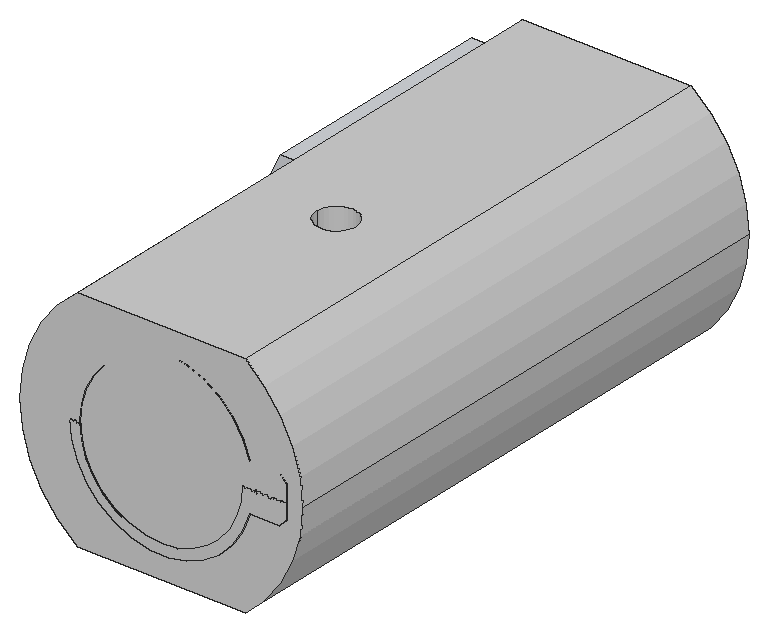
Revit family "Camera-Security-Panasonic-Super_Dynamic-H265_Network-BoxAI_Engine-WV-S1136SeriesX", category Security Devices, Revit 2019
Family settings
  Maintain Annotation Orientation = No
  Round Connector Dimension = Use Diameter
  Part Type = Normal
  OmniClass Number = 23.85.10.14.11
  OmniClass Title = Cameras
  Work Plane-Based = Yes
  Always vertical = No
  Cut with Voids When Loaded = No
  Shared = No
  Room Calculation Point = No
Parameters (values of type "WV-S1136")
  Voltage [instance] = if(Power Supply type is PoE, 48 V, 12 V)  # 48 V
  Vertical FOV Actual [instance] = 55.00°
  Resolution HD [instance] = no
  Resolution FullHD [instance] = yes
  Resolution WQHD [instance] = no
  Power Supply type is PoE [instance] = yes
  Power Supply Type [instance] = if(Power Supply type is PoE, "PoE", "DC")  # "PoE"
  PPM Desired [instance] = 600
  PPM Actual [instance] = if(PPM Desired > 1, PPM Desired, 1)  # 600
  Horizontal Resolution Actual [instance] = 1920
  Width = 2.95276"
  Wide Dynamic Range = yes
  Weight = 0.82 lbf
  Vandal Resistant = no
  URL = "http://security.panasonic.com/pss/security/"
  Storage Temperature = Operational Temperature  # "-10 °C to +50 °C (14 °F to 122 °F)"
  Show View Volume [instance] = yes
  Regulatory Compliance = "UL (UL62368-1), c-UL (CSA C22.2 No.62368-1), CE, IEC62368-1, FCC (Part15 ClassA), ICES-003 ClassA, EN55032 ClassB, EN55035"  # constant formula
  Provide Feedback = "https://www.surveymonkey.com/s/95FL6QY"
  Product Page URL = "https://security.panasonic.com/products_technology/products/wv-s1136/"
  Product Material = Paint - Panasonic - i-PRO White
  Product Documentation Link = "https://bizpartner.panasonic.net/public/ppr/product/11510?accordion_tab=96"
  Power Active [instance] = if(Power Supply type is PoE, 6.3 W, 5.8 W)  # 6.3 W
  Part Number = Model  # "WV-S1136"
  Part Description = Description  # "Security Camera, Network, Super Dynamic, AI Engine, Full HD, H.265 BOX Camera, WV-S1136"
  Original Creation Date = "2021/04/09"  # constant formula
  Operational Temperature = "-10 °C to +50 °C (14 °F to 122 °F)"  # constant formula
  Operational Humidity = "10 to 90 % (no condensation)"  # constant formula
  Mounting Positions = "Mount Dependent"  # constant formula
  Model Disclaimer = "Contact Panasonic for more information"  # constant formula
  Model = "WV-S1136"  # constant formula
  Minimum Illumination = 0.006 lx
  Manufacturer = "Panasonic"  # constant formula
  Indoor Or Outdoor = "Indoor"  # constant formula
  IP Or Analog = "IP"  # constant formula
  Horizontal FOV Desired [instance] = 60.00°
  Horizontal FOV Actual [instance] = 102.00°
  Height = 2.24409"
  Has POE = yes
  Distance to Floor [instance] = 118.11024"
  Family Version = "1.0.0"  # constant formula
  Equipment Number = " "
  Equipment Abbreviation = "SC"  # constant formula
  Distance to Screen [instance] = 393.70079"
  Distance to PPM Target [instance] = if(PPM Actual = 0, 0.000", 39.37008" * Horizontal Resolution Actual / (PPM Actual * 2 * tan(Horizontal FOV Actual / 2)))  # 51.01002"
  Description = "Security Camera, Network, Super Dynamic, AI Engine, Full HD, H.265 BOX Camera, WV-S1136"  # constant formula
  Depth = 5.74803"
  Default Elevation = 48.000"
  Day Or Night = "Yes"  # constant formula
  Date Last Modified = "2021/04/09"  # constant formula
  Copyright = "Copyright © Panasonic"  # constant formula
  Communication Ports = "10Base-T / 100Base-TX, RJ45 connector"  # constant formula
  Distance to Ceiling [instance] = 0.96457"
  Body Radius = 1.39764"
  Auto Back Focus = yes
  Audio Out = "ø3.5 mm stereo mini jack (monaural output)"  # constant formula
  Audio In = "ø3.5 mm stereo mini jack"  # constant formula
  Assembly Code = ""
  Aspect Ratio 4_3 [instance] = no
  Aspect Ratio 16_9 [instance] = yes
  Angle Of View = "Lens Dependent"  # constant formula
  Alarm Input Or Output Specification = "ALARM IN 1 (Black & white input, Auto time adjustment input) (x1), ALARM IN 2 (ALARM OUT) (x1),  LARM IN 3 (AUX OUT) (x1)"  # constant formula
Reference planes (in)
  plane 1 "Center (Front/Back)": y = 0
  plane 2: z = 0
  plane 3 "Center (Left/Right)": x = 0
  plane 4: z = 1.39764
  plane 5: z = -1.39764
  plane 6: z = 1.12205
  plane 7: z = -1.12205
  plane 8: y = -4.24409
  plane 9: y = -5.74803
  plane 10: y = -3.58268
  plane 11 "BP": y = -4.24409
  plane 12: y = -0.23622
  plane 13: x = 1.39764
  plane 14: x = -1.55512
  plane 15: y = -2.59843
  plane 16: y = -5.70866
Forms (in)
  Extrusion 1, solid, material "Paint - Panasonic - i-PRO White" <- "Product Material"
    sketch origin (0, 0, 0) x (1, 0, 0) y (0, 0, 1)
      loop
        circle (0, 0) r 1.39764
    from 0.23622 to 5.74803
  Extrusion 2, void
    sketch origin (0, 0, 0) x (1, 0, 0) y (0, 0, 1)
      loop
        line (-3.15988, 1.12205) -> (-3.15988, -1.12205) -> (2.94248, -1.12205) -> (2.94248, 1.12205) -> (-3.15988, 1.12205)
      loop
        line (-4.52927, 3.99057) -> (-4.52927, -3.76534) -> (4.329, -3.76534) -> (4.329, 3.99057) -> (-4.52927, 3.99057)
    from 0 to 5.74803
  Extrusion 3, void
    sketch origin (0, 0, 0) x (1, 0, 0) y (0, 1, 0)
      loop
        circle (0, -3.58268) r 0.19685
    from -1.12205 to 1.12205
  Extrusion 4, solid
    sketch origin (0, -2.59843, 3.48926) x (0, 0, 1) y (1, 0, 0)
      loop
        arc (-4.27666, -1.34104) -> (-3.48926, -1.55512) -> (-2.70186, -1.34104) r 1.55512
        line (-2.70186, -1.34104) -> (-2.70186, -1.16747)
        arc (-2.70186, -1.16747) -> (-3.48926, -1.40819) -> (-4.27666, -1.16747) r 1.40819
        line (-4.27666, -1.16747) -> (-4.27666, -1.34104)
    from 0 to 2.3622
  Extrusion 5, solid, material "Paint - Panasonic - i-PRO White" <- "Product Material"
    sketch origin (0, -0.23622, 2.91288) x (0, 0, 1) y (1, 0, 0)
      loop
        circle (-3.54513, 0.58131) r 0.15748
    from 0 to 0.23622
  Extrusion 6, solid, material "Paint - Panasonic - i-PRO White" <- "Product Material"
    sketch origin (0, -5.70866, 2.29131) x (0, 0, 1) y (1, 0, 0)
      loop
        line (-2.05694, 0.87466) -> (-2.05694, 1.16627) -> (-2.13368, 1.243) -> (-2.44894, 1.243) -> (-2.52567, 1.16627) -> (-2.52567, 0.87466)
        arc (-2.52567, 0.87466) -> (-2.29131, -0.90551) -> (-2.05694, 0.87466) r 0.90551
      loop
        circle (-2.29131, 0) r 0.80733
    from 0 to -0.03937
Cuts and joins
  Extrusion 2, Extrusion 3 cuts Extrusion 1
Lines and regions (in)
  model lines
    curve 1: spline (-131.95689, -5.74803, 30.81666) -> (-131.95204, -5.74803, 30.81773) -> (-131.94753, -5.74803, 30.82084) -> (-131.94365, -5.74803, 30.8258) -> (-131.94067, -5.74803, 30.83227) -> (-131.9388, -5.74803, 30.8398) -> (-131.93816, -5.74803, 30.84787) -> (-131.9388, -5.74803, 30.85595) -> (-131.94067, -5.74803, 30.86348) -> (-131.94365, -5.74803, 30.86994) -> (-131.94753, -5.74803, 30.8749) -> (-131.95204, -5.74803, 30.87802) -> (-131.95689, -5.74803, 30.87909) -> (-131.96174, -5.74803, 30.87802) -> (-131.96626, -5.74803, 30.8749) -> (-131.97013, -5.74803, 30.86994) -> (-131.97311, -5.74803, 30.86348) -> (-131.97498, -5.74803, 30.85595) -> (-131.97562, -5.74803, 30.84787) -> (-131.97498, -5.74803, 30.8398) -> (-131.97311, -5.74803, 30.83227) -> (-131.97013, -5.74803, 30.8258) -> (-131.96626, -5.74803, 30.82084) -> (-131.96174, -5.74803, 30.81773) -> (-131.95689, -5.74803, 30.81666)
Dimensions and locks (in)
  equal spacing: plane 4, level, plane 5
  "Depth": plane 9 to plane 1 "Center (Front/Back)"
  plane 11 "BP" to plane 1 "Center (Front/Back)" = 4.24409"
  "Height": plane 6 to plane 7
  equal spacing: plane 6, level, plane 7
  plane 9 to plane 10 = 2.16535"
  plane 9 to plane 12 = 5.51181"
  plane 4 to plane 5 = 2.79528"
  plane 13 to plane 3 "Center (Left/Right)" = 1.39764"
  "Width": plane 13 to plane 14
  locked: plane 16 to plane 1 "Center (Front/Back)" at 5.70866
  "Body Radius": radius of Extrusion 1 sketch curve
  aligned and locked: plane 2 to level
  aligned and locked: plane 7 to Extrusion 2 sketch curve
  aligned and locked: Extrusion 2 sketch curve to plane 6
  aligned and locked: Extrusion 1 to plane 9
  aligned and locked: Extrusion 3 to Extrusion 2  (x2)
  aligned and locked: plane 12 to Extrusion 1
  aligned and locked: cut or joined group of Extrusion 1, Extrusion 2, Extrusion 3 to Extrusion 4
  aligned and locked: Extrusion 5 to plane 1 "Center (Front/Back)"
  aligned and locked: Extrusion 6 to plane 9
  aligned and locked: Extrusion 2 to Extrusion 1
Automatic sketch dimensions
  Extrusion 2 sketch curve to plane 3 "Center (Left/Right)" = 4.52927"
  Extrusion 2 sketch curve to Extrusion 2 sketch curve = 1.36938"
  plane 3 "Center (Left/Right)" to Extrusion 2 sketch curve = 2.94248"
  Extrusion 2 sketch curve to Extrusion 2 sketch curve = 1.38652"
  Extrusion 2 sketch curve to plane 5 = 2.3677"
  plane 4 to Extrusion 2 sketch curve = 2.59293"
  Extrusion 1 sketch curve to level = 0.000"
  Extrusion 1 sketch curve to plane 3 "Center (Left/Right)" = 0.000"
  Extrusion 3 sketch curve to plane 3 "Center (Left/Right)" = 0.000"
  Extrusion 3 sketch curve to plane 10 = 0.000"
  curve 1 to curve 1 = 0.03121"
  Extrusion 4 sketch curve to Extrusion 4 sketch curve = 0.000"  (x2)
  Extrusion 4 sketch curve to level = 0.000"
  Extrusion 4 sketch curve to plane 3 "Center (Left/Right)" = 0.000"
  plane 7 to Extrusion 4 sketch curve = 0.33465"
  Extrusion 4 sketch curve to plane 6 = 0.33465"
  plane 14 to Extrusion 4 sketch curve = 0.21408"
  Extrusion 4 sketch curve to Extrusion 4 sketch curve = 0.17357"
  plane 7 to Extrusion 5 sketch curve = 0.4898"
  plane 3 "Center (Left/Right)" to Extrusion 5 sketch curve = 0.58131"
  Extrusion 6 sketch curve to Extrusion 6 sketch curve = 0.000"  (x2)
  Extrusion 6 sketch curve to level = 0.000"
  Extrusion 6 sketch curve to plane 3 "Center (Left/Right)" = 0.000"
  Extrusion 6 sketch curve to level = 0.15763"
  Extrusion 6 sketch curve to level = 0.23436"
  level to Extrusion 6 sketch curve = 0.15763"
  level to Extrusion 6 sketch curve = 0.23436"
  Extrusion 6 sketch curve to plane 13 = 0.52298"
  Extrusion 6 sketch curve to plane 13 = 0.23137"  (x2)
  Extrusion 6 sketch curve to Extrusion 6 sketch curve = 0.07674"
  radius of Extrusion 3 sketch curve = 0.19685"
  radius of Extrusion 5 sketch curve = 0.15748"
  radius of Extrusion 6 sketch curve = 0.80733"
Connectors (in)
  electrical at (0, -0.23622, 0), driven by "Power Active", driven by "Voltage"
    settings: on cut or joined group of Extrusion 1, Extrusion 2, Extrusion 3, index 1, voltage 48 V, apparent load 6.3 W, apparent load phase1 0.0 W, apparent load phase2 0.0 W, apparent load phase3 0.0 W, power factor 1, load classification "Other", number of poles 1, system type 30, power factor state 1, is connector primary yes, connector utility no, sub classification motor no, connector description "Electrical Connection"
  electrical at (0, -0.23622, 0)
    settings: on cut or joined group of Extrusion 1, Extrusion 2, Extrusion 3, index 2, voltage 0 V, apparent load 0.0 W, apparent load phase1 0.0 W, apparent load phase2 0.0 W, apparent load phase3 0.0 W, power factor 1, load classification "Other", number of poles 1, system type 5, power factor state 1, is connector primary no, connector utility no, sub classification motor no, connector description "Data Connection"
